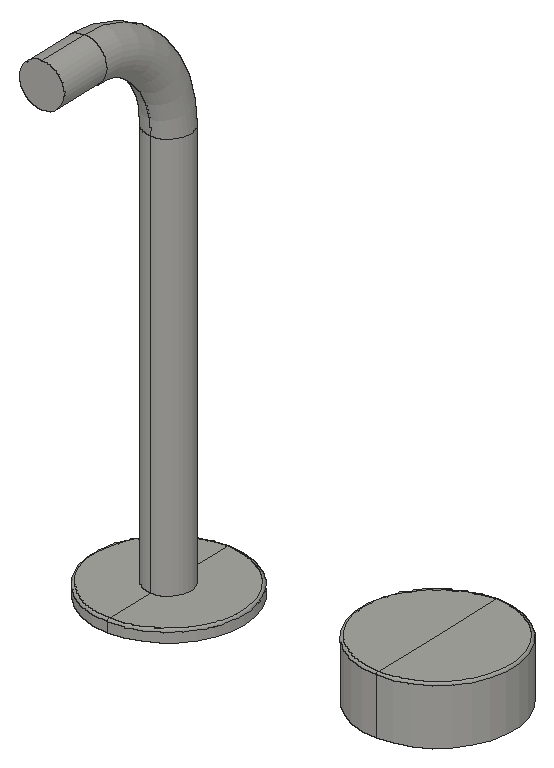
Revit family "MixerSet_Wall_Abey_PocoP_BasinBath_FaceBased", category Plumbing Fixtures, host Face, Revit 2022
Family settings
  Host = Face
  Round Connector Dimension = Use Diameter
  Part Type = Normal
  OmniClass Number = 23.31.11.19
  OmniClass Title = Faucet Mixing Valves
  Cut with Voids When Loaded = No
  Maintain Annotation Orientation = No
  Shared = No
  Room Calculation Point = No
Parameters (values of type "220mm Gun Metal (8WS-EXT220-GM-LF)")
  Waste Connection = no
  Vent Connection = no
  Uniclass2015Version = "Products v1.38"
  Uniclass2015Title = "Mixer taps"
  Uniclass2015Code = "Pr_40_20_87_55"
  URL = "https://www.abey.com.au/"
  Type Comments = "Mixer Set - Wall - Gun Metal"
  ModifiedIssue = 20251103
  Model = "8WS-EXT220-GM-LF"
  BodyMaterial = Metal_Abey_GunMetal
  ManufacturerURLProductSpecific = "https://www.abeyspecifier.com.au/product/poco-p-wall-basin-bath-set-220mm/"
  ManufacturerSpecCode = Model  # "8WS-EXT220-GM-LF"
  ManufacturerOverallWidth = 180 mm  # constant formula
  ManufacturerOverallHeight = 100 mm  # constant formula
  ManufacturerOverallDepth = 234.5 mm
  Manufacturer = "Abey"  # constant formula
  Keynote = ""
  IfcExportType = "FAUCET"
  IfcExportAs = "ifcValve"
  HW Connection = yes
  Description = "Poco P Wall Basin/Bath Set 220mm"
  Default Elevation = 0 mm
  CreatedByURL = "https://igsgroup.com.au"
  CreatedBy = "IGS BIM Solutions"  # constant formula
  Cost = 0
  CW Connection = yes
  Assembly Code = "C1030210"
Types (6, lengths in mm): name | Type Comments | Model | BodyMaterial | ManufacturerURLProductSpecific | ManufacturerSpecCode | ManufacturerOverallDepth | Description
  220mm Gun Metal (8WS-EXT220-GM-LF) | "Mixer Set - Wall - Gun Metal" | "8WS-EXT220-GM-LF" | Metal_Abey_GunMetal | "https://www.abeyspecifier.com.au/product/poco-p-wall-basin-bath-set-220mm/" | "8WS-EXT220-GM-LF" | 234.5 | "Poco P Wall Basin/Bath Set 220mm"
  220mm Brushed Nickel (8WS-EXT220-BN-LF) | "Mixer Set - Wall - Brushed Nickel" | "8WS-EXT220-BN-LF" | Metal_Abey_BrushedNickel | "https://www.abeyspecifier.com.au/product/poco-p-wall-basin-bath-set-220mm/" | "8WS-EXT220-BN-LF" | 234.5 | "Poco P Wall Basin/Bath Set 220mm"
  220mm Brushed Brass (8WS-EXT220-BB-LF) | "Mixer Set - Wall - Brushed Brass" | "8WS-EXT220-BB-LF" | Metal_Abey_Brass | "https://www.abeyspecifier.com.au/product/poco-p-wall-basin-bath-set-220mm/" | "8WS-EXT220-BB-LF" | 234.5 | "Poco P Wall Basin/Bath Set 220mm"
  165mm Gun Metal (8WS-EXT165-GM-LF) | "Mixer Set - Wall - Gun Metal" | "8WS-EXT165-GM-LF" | Metal_Abey_GunMetal | "https://www.abeyspecifier.com.au/product/poco-p-wall-basin-bath-set-165mm/" | "8WS-EXT165-GM-LF" | 179.5 | "Poco P Wall Basin/Bath Set 165mm"
  165mm Brushed Nickel (8WS-EXT165-BN-LF) | "Mixer Set - Wall - Brushed Nickel" | "8WS-EXT165-BN-LF" | Metal_Abey_BrushedNickel | "https://www.abeyspecifier.com.au/product/poco-p-wall-basin-bath-set-165mm/" | "8WS-EXT165-BN-LF" | 179.5 | "Poco P Wall Basin/Bath Set 165mm"
  165mm Brushed Brass (8WS-EXT165-BB-LF) | "Mixer Set - Wall - Brushed Brass" | "8WS-EXT165-BB-LF" | Metal_Abey_Brass | "https://www.abeyspecifier.com.au/product/poco-p-wall-basin-bath-set-165mm/" | "8WS-EXT165-BB-LF" | 179.5 | "Poco P Wall Basin/Bath Set 165mm"
Reference planes
  plane 1 "Center (Elevation)": y = -43.75
  plane 2 "Back": z = 0
  plane 3 "Center (Left/Right)": x = 18.07
  plane 4 "Bottom": y = -111.25
  plane 5 "Top": y = -11.25
  plane 6 "Left": x = -71.93
  plane 7 "Right": x = 108.07
  plane 8 "Front": z = 234.5
Forms (mm)
  Extrusion 1, void
    sketch origin (0, 0, 0) x (1, 0, 0) y (0, 1, 0)
      loop
        circle (-39.43, -43.75) r 16.081
    from 0 to -30
Text (mm)
  text "Disclaimer:\nDue to ongoing product development and manufacturing evolution, product details are subject to change without notice. Please refer to product technical data sheets on the manufacturers website for the most current product information. Please allow a +/- 5mm manufacturing tolerance for dimensions and set-outs shown in product literature." at (219.671, 26.678, 0), in view "Ref. Level"
Dimensions and locks
  "ManufacturerOverallDepth": plane 8 "Front" to plane 2 "Back"
  "ManufacturerOverallWidth": plane 6 "Left" to plane 7 "Right"
  "ManufacturerOverallHeight": plane 4 "Bottom" to plane 5 "Top"
  equal spacing: plane 6 "Left", plane 3 "Center (Left/Right)", plane 7 "Right"
  plane 1 "Center (Elevation)" to plane 5 "Top" = 32.5 mm
  aligned and locked: plane 2 "Back" to host face
  aligned and locked: level to host face
  aligned and locked: plane 1 "Center (Elevation)" to nested 1
Automatic sketch dimensions
  host sketch curve to host sketch curve = 209.875 mm
  host sketch curve to host sketch curve = 134.158 mm
  Extrusion 1 sketch curve to plane 3 "Center (Left/Right)" = 57.5 mm
  Extrusion 1 sketch curve to plane 1 "Center (Elevation)" = 0 mm
  radius of Extrusion 1 sketch curve = 16.081 mm
Nested families
  nested 1: "z_MixerSet_Wall_Abey_PocoP_BasinBath" at (18.07, -43.75, 129.75) x (1, 0, 0) z (0, 1, 0), type "Type 1"
Connectors
  piping at (-46.78, -43.75, -1), diameter 12.7, driven by "HW Connection"
    settings: on nested 1, index 1, connector inside diameter 24", connector length 0 mm, flow factor 0, pipe flow 0.00 L/s, pressure drop 0 kPa, fitting loss kfactor 0, connector angle 0.00°, fixture units 0, engagement length 0 mm, angle of deflection 0.00°, flow configuration 2, flow direction 1, fitting loss method 0, system type 19, joint type 0, gender type 0, connector reference index -1, connector utility 1, adjustable connector no, is connector primary yes, connector description "Hot Water Supply"
  piping at (-32.08, -43.75, -1), diameter 12.7, driven by "CW Connection"
    settings: on nested 1, index 2, connector inside diameter 24", connector length 0 mm, flow factor 0, pipe flow 0.00 L/s, pressure drop 0 kPa, fitting loss kfactor 0, connector angle 0.00°, fixture units 0, engagement length 0 mm, angle of deflection 0.00°, flow configuration 2, flow direction 1, fitting loss method 0, system type 20, joint type 0, gender type 0, connector reference index -1, connector utility 1, adjustable connector no, is connector primary no, connector description "Cold Water Supply"
Definition of nested family "z_MixerSet_Wall_Abey_PocoP_BasinBath"
  Parameters (values of type "Type 1")
    Waste Connection = no
    Vent Connection = no
    Uniclass2015Version = ""
    Uniclass2015Title = ""
    Uniclass2015Code = ""
    URL = "https://www.abey.com.au/"
    Type Comments = ""
    ModifiedIssue = 0
    Model = ""
    ManufacturerURLProductSpecific = ""
    ManufacturerSpecCode = ""
    ManufacturerOverallWidth = 180 mm  # constant formula
    ManufacturerOverallHeight = 100 mm  # constant formula
    ManufacturerOverallDepth = 234.5 mm
    Manufacturer = "Abey"  # constant formula
    IfcExportType = ""
    IfcExportAs = ""
    HW Connection = yes
    Description = ""
    Default Elevation = 0 mm
    CreatedByURL = "https://igsgroup.com.au"
    CreatedBy = "IGS BIM Solutions"  # constant formula
    CW Connection = yes
    BodyMaterial = none
    Assembly Code = ""
  Reference planes
    plane 1 "Ref. Level": z = 0
    plane 2 "Center (Left/Right)": x = 0
    plane 3 "Left": x = -90
    plane 4 "Right": x = 90
    plane 5 "Back": y = 129.75
    plane 6 "Bottom": z = -67.5
    plane 7 "Top": z = 32.5
    plane 8 "BasePlateCenter": z = 0
    plane 9 "SpoutCenter (Left/Right)": x = -57.5
    plane 10 "HobCenter (Left/Right)": x = 57.5
    plane 11 "Front": y = -104.75
  Forms (mm)
    Revolve 1, solid, material <- "BodyMaterial"
      sketch origin (-57.5, 1161.962, 3940) x (0, 1, 0) y (0, 0, 1)
        loop
          line (-1032.212, -3940) -> (-1032.212, -3907.5) -> (-1036.212, -3907.5)
          arc (-1036.212, -3907.5) -> (-1036.919, -3907.793) -> (-1037.212, -3908.5) r 1
          line (-1037.212, -3908.5) -> (-1037.212, -3940) -> (-1032.212, -3940)
        axis (-1032.212, -3940) -> (-1037.212, -3940)
      angle from 0 to 360
    Sweep 2, solid, material <- "BodyMaterial"
      path origin (-57.5, 1161.962, 3940) x (0, 1, 0) y (0, 0, 1)
        loop
          line (-1037.212, -3940) -> (-1212.212, -3940)
          arc (-1212.212, -3940) -> (-1244.032, -3953.18) -> (-1257.212, -3985) r 45
          line (-1257.212, -3985) -> (-1257.212, -4007.5)
      profile origin (-57.5, 37.25, 0) x (0, 0, -1) y (1, 0, 0)
        loop
          circle (0, 0) r 9.5
    Revolve 3, solid, material <- "BodyMaterial"
      sketch origin (57.5, 1161.962, 3940) x (0, 1, 0) y (0, 0, 1)
        loop
          line (-1032.212, -3940) -> (-1032.212, -3907.5) -> (-1056.212, -3907.5)
          arc (-1056.212, -3907.5) -> (-1056.919, -3907.793) -> (-1057.212, -3908.5) r 1
          line (-1057.212, -3908.5) -> (-1057.212, -3940) -> (-1032.212, -3940)
        axis (-1032.212, -3940) -> (-1057.212, -3940)
      angle from 0 to 360
    Extrusion 4, solid, material <- "BodyMaterial"
      sketch origin (0, 129.75, 0) x (1, 0, 0) y (0, 0, 1)
        loop
          circle (-64.85, 0) r 6.35
        loop
          circle (-50.15, 0) r 6.35
      from 0 to -1
  Lines and regions (mm)
    Masking region 1
      outline origin (0, 0, 32.5) x (0, -1, 0) y (1, 0, 0)
        loop
          line (-129.75, -25) -> (-129.75, -90) -> (-125.75, -90)
          arc (-125.75, -90) -> (-125.043, -89.707) -> (-124.75, -89) r 1
          line (-124.75, -89) -> (-124.75, -67) -> (95.25, -67)
          arc (95.25, -67) -> (104.75, -57.5) -> (95.25, -48) r 9.5
          line (95.25, -48) -> (-124.75, -48) -> (-124.75, -26)
          arc (-124.75, -26) -> (-125.043, -25.293) -> (-125.75, -25) r 1
          line (-125.75, -25) -> (-129.75, -25)
        loop
          line (-129.75, 25) -> (-105.75, 25)
          arc (-105.75, 25) -> (-105.043, 25.293) -> (-104.75, 26) r 1
          line (-104.75, 26) -> (-104.75, 89)
          arc (-104.75, 89) -> (-105.043, 89.707) -> (-105.75, 90) r 1
          line (-105.75, 90) -> (-129.75, 90) -> (-129.75, 25)
    symbolic lines, detail levels medium+fine
      curve 1: line (-67, 124.75, 32.5) -> (-48, 124.75, 32.5)
  Dimensions and locks
    "ManufacturerOverallWidth": plane 3 "Left" to plane 4 "Right"
    "ManufacturerOverallHeight": plane 7 "Top" to plane 6 "Bottom"
    plane 6 "Bottom" to plane 7 "Top" = 100 mm
    "ManufacturerOverallDepth": plane 11 "Front" to plane 5 "Back"
    locked: plane 7 "Top" to plane 8 "BasePlateCenter" at 32.5
    locked: Sweep 2 sketch curve to plane 11 "Front" at 9.5
    equal spacing: plane 3 "Left", plane 2 "Center (Left/Right)", plane 4 "Right"
    locked: plane 3 "Left" to plane 9 "SpoutCenter (Left/Right)" at 32.5
    locked: plane 10 "HobCenter (Left/Right)" to plane 4 "Right" at 32.5
    locked: Masking region 1 sketch curve to plane 10 "HobCenter (Left/Right)" at 32.5
    aligned and locked: level to plane 1 "Ref. Level"
    aligned and locked: Masking region 1 sketch curve to Sweep 2
  Automatic sketch dimensions
    plane 8 "BasePlateCenter" to Revolve 1 sketch curve = 0 mm  (x2)
    plane 7 "Top" to Revolve 1 sketch curve = 0 mm
    Revolve 1 sketch curve to plane 5 "Back" = 0 mm  (x2)
    plane 5 "Back" to Revolve 1 sketch curve = 4 mm
    plane 7 "Top" to Revolve 1 sketch curve = 1 mm
    Revolve 1 sketch curve to Revolve 1 sketch curve = 3.469 mm
    plane 6 "Bottom" to Sweep 2 sketch curve = 0 mm
    plane 8 "BasePlateCenter" to Sweep 2 sketch curve = 0 mm
    Sweep 2 sketch curve to plane 6 "Bottom" = 22.5 mm
    plane 5 "Back" to Sweep 2 sketch curve = 5 mm
    Sweep 2 sketch curve to plane 9 "SpoutCenter (Left/Right)" = 0 mm
    Sweep 2 sketch curve to profile plane = 0 mm
    plane 8 "BasePlateCenter" to Revolve 3 sketch curve = 0 mm  (x2)
    plane 7 "Top" to Revolve 3 sketch curve = 0 mm
    Revolve 3 sketch curve to plane 5 "Back" = 0 mm  (x2)
    Revolve 3 sketch curve to Revolve 3 sketch curve = 24 mm
    Revolve 3 sketch curve to plane 7 "Top" = 1 mm
    Revolve 3 sketch curve to Revolve 3 sketch curve = 0 mm
    plane 5 "Back" to Masking region 1 sketch curve = 0 mm  (x2)
    Masking region 1 sketch curve to plane 4 "Right" = 0 mm
    Masking region 1 sketch curve to plane 3 "Left" = 0 mm
    plane 3 "Left" to Masking region 1 sketch curve = 1 mm
    plane 5 "Back" to Masking region 1 sketch curve = 4 mm  (x2)
    plane 5 "Back" to Masking region 1 sketch curve = 5 mm
    Masking region 1 sketch curve to Masking region 1 sketch curve = 24 mm
    Masking region 1 sketch curve to Masking region 1 sketch curve = 1 mm  (x2)
    Masking region 1 sketch curve to Masking region 1 sketch curve = 22 mm
    plane 5 "Back" to curve 1 = 5 mm
    curve 1 to plane 9 "SpoutCenter (Left/Right)" = 9.5 mm
    plane 9 "SpoutCenter (Left/Right)" to curve 1 = 9.5 mm
    Extrusion 4 sketch curve to plane 8 "BasePlateCenter" = 0 mm  (x2)
    Extrusion 4 sketch curve to plane 9 "SpoutCenter (Left/Right)" = 7.35 mm
    plane 9 "SpoutCenter (Left/Right)" to Extrusion 4 sketch curve = 7.35 mm
    radius of Sweep 2 sketch curve = 9.5 mm
    radius of Extrusion 4 sketch curve = 6.35 mm  (x2)
